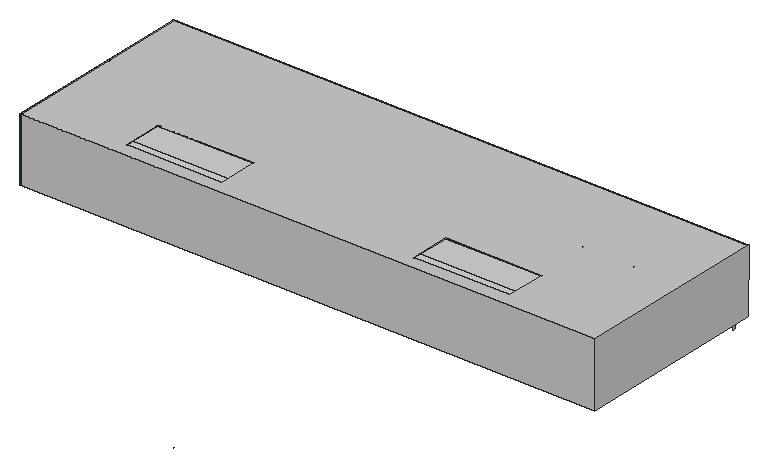
Revit family "QF_ELECTROLUXPROFESSIONAL_643326_DK1236", category Specialty Equipment, Revit 2014
Reference planes
  plane 1: z = 0
  plane 2 "Center (Left/Right)": x = 150
  plane 3 "LEFT": x = -1650
  plane 4 "RIGHT": x = 1950
  plane 5 "BACK": y = 550
  plane 6 "TOP": z = 2400
  plane 7 "Base": z = 2000
  plane 8: z = 1970
  plane 9 "DrainY": y = 450
  plane 10: x = -1647
  plane 11: y = -320
  plane 12: y = -570
  plane 13 "DrainX": x = 1937
  plane 14 "AOLeft2": x = -450
  plane 15 "AORight1": x = 750
  plane 16: x = 1947
  plane 17: x = -1450
  plane 18: x = 1750
  plane 19 "Center (Front/Back)": y = -50
  plane 20 "Front": y = -650
  plane 21: x = 50
  plane 22: x = 250
  plane 23 "AOLeft1": x = -1050
  plane 24 "AORight2": x = 1350
Forms (mm)
  Extrusion 1, solid, material "QF_Finishes_Stainless Steel"
    sketch origin (-1650, 0, 360) x (0, 1, 0) y (0, 0, 1)
      loop
        line (550, 1640) -> (550, 2040) -> (-650, 2040) -> (-650, 1640) -> (550, 1640)
    from 0 to 3
  Extrusion 2, solid, material "QF_Finishes_Stainless Steel"
    sketch origin (1950, 0, 360) x (0, 1, 0) y (0, 0, 1)
      loop
        line (550, 1640) -> (550, 2040) -> (-650, 2040) -> (-650, 1640) -> (550, 1640)
    from 0 to -3
  Extrusion 3, solid, material "QF_Finishes_Stainless Steel"
    sketch origin (150, 0, 360) x (0, 1, 0) y (0, 0, 1)
      loop
        line (-650, 2040) -> (-650, 1640) -> (-640, 1640) -> (-640, 1640.8) -> (-649.2, 1640.8) -> (-649.2, 2039.19) -> (549.2, 2039.19) -> (549.2, 1640.8) -> (540, 1640.8) -> (540, 1640) -> (550, 1640) -> (550, 2040) -> (-650, 2040)
    from -1800 to 1800
  Extrusion 4, solid, material "QF_Finishes_Stainless Steel"
    sketch origin (0, 0, 2000) x (0, 1, 0) y (-1, 0, 0)
      loop
        circle (450, -1937) r 4.763
    from -30 to 0
  Extrusion 5, void
    sketch origin (0, 0, 2400) x (0, 1, 0) y (-1, 0, 0)
      loop
        line (-320, 450) -> (-320, 1050) -> (-570, 1050) -> (-570, 450) -> (-320, 450)
    from 0 to -10
  Extrusion 6, solid, material "QF_Finishes_Stainless Steel"
    sketch origin (0, 0, 0) x (1, 0, 0) y (0, 1, 0)
      loop
        line (-1650, 550) -> (-1650, 549) -> (-1649, 549) -> (-1649, 550) -> (-1650, 550)
    from 0 to 1
  Sweep 7, solid, material "QF_Finishes_Stainless Steel"
    path origin (0, 0, 0) x (1, 0, 0) y (0, 1, 0)
      loop
        line (1950, 550) -> (-1650, 550) -> (-1650, -650) -> (1950, -650) -> (1950, 550)
    profile origin (1950, -50, 0) x (1, 0, 0) y (0, 0, 1)
      loop
        line (-3, 2000) -> (-3, 2000.8) -> (-19, 2000.8) -> (-19, 2010) -> (-20, 2010) -> (-20, 2000) -> (-3, 2000)
  Extrusion 8, solid, material "QF_Finishes_Stainless Steel"
    sketch origin (150, 0, 0) x (0, 1, 0) y (0, 0, 1)
      loop
        line (35, 2399.19) -> (34.2, 2399.19) -> (34.2, 2329.838) -> (-320.309, 2254.485) -> (-614.003, 2066.672) -> (-614.003, 2000.8) -> (-613.203, 2000.8) -> (-613.203, 2066.234) -> (-320, 2253.732) -> (35, 2329.19) -> (35, 2399.19)
    from -1797 to 1797
  Extrusion 9, void
    sketch origin (1134.605, 0, 2400) x (0, 1, 0) y (-1, 0, 0)
      loop
        line (-320, -215.395) -> (-320, 384.605) -> (-570, 384.605) -> (-570, -215.395) -> (-320, -215.395)
    from 0 to -10
Cuts and joins
  Extrusion 5, Extrusion 9 cuts Extrusion 3
  joined: Extrusion 2, Extrusion 3, Sweep 7
Lines and regions (mm)
  symbolic lines, style "SpecialityEquipment", detail levels coarse
    curve 1: line (1950, 550, 2400) -> (-1650, 550, 2400)
    curve 2: line (-1650, 550, 2400) -> (-1650, -650, 2400)
    curve 3: line (1950, -650, 2400) -> (1950, 550, 2400)
    curve 4: line (-1650, 550, 0) -> (1950, -650, 0)
    curve 5: line (1950, 550, 0) -> (-1650, -650, 0)
    curve 6: line (-1650, -650, 0) -> (1950, -650, 0)
    curve 7: line (-450, -320, 0) -> (-1050, -320, 0)
    curve 8: line (-450, -570, 0) -> (-450, -320, 0)
    curve 9: line (-1050, -570, 0) -> (-450, -570, 0)
    curve 10: line (-1050, -320, 0) -> (-1050, -570, 0)
    curve 11: line (750, -320, 0) -> (750, -570, 0)
    curve 12: line (1350, -320, 0) -> (750, -320, 0)
    curve 13: line (1350, -570, 0) -> (1350, -320, 0)
    curve 14: line (750, -570, 0) -> (1350, -570, 0)
Dimensions and locks
  plane 3 "LEFT" to plane 4 "RIGHT" = 3600 mm
  equal spacing: plane 3 "LEFT", plane 2 "Center (Left/Right)", plane 4 "RIGHT"
  plane 7 "Base" to plane 8 = 30 mm
  plane 5 "BACK" to plane 9 "DrainY" = 100 mm  (x2)
  plane 3 "LEFT" to plane 10 = 3 mm
  plane 13 "DrainX" to plane 4 "RIGHT" = 13 mm
  plane 16 to plane 4 "RIGHT" = 3 mm
  plane 3 "LEFT" to plane 17 = 200 mm
  plane 18 to plane 4 "RIGHT" = 200 mm
  locked: plane 14 "AOLeft2" to plane 15 "AORight1" at 1200
  equal spacing: plane 14 "AOLeft2", plane 2 "Center (Left/Right)", plane 15 "AORight1"
  locked: plane 7 "Base" to level at 2000
  locked: plane 6 "TOP" to plane 7 "Base" at 400
  plane 5 "BACK" to plane 20 "Front" = 1200 mm  (x2)
  equal spacing: plane 5 "BACK", plane 19 "Center (Front/Back)", plane 20 "Front"
  locked: plane 21 to plane 22 at 200
  equal spacing: plane 21, plane 2 "Center (Left/Right)", plane 22
  plane 12 to plane 20 "Front" = 80 mm
  locked: plane 11 to plane 12 at 250
  locked: plane 23 "AOLeft1" to plane 14 "AOLeft2" at 600
  locked: plane 15 "AORight1" to plane 24 "AORight2" at 600
  aligned and locked: level to plane 1
  aligned and locked: plane 4 "RIGHT" to Extrusion 3
  aligned and locked: Extrusion 3 to plane 3 "LEFT"
  aligned and locked: Extrusion 5 to plane 12
  aligned and locked: Extrusion 5 to plane 11
  aligned and locked: Extrusion 2 to plane 16
  aligned and locked: Extrusion 8 to plane 10
  aligned and locked: plane 16 to Extrusion 8
  aligned and locked: Extrusion 5 to plane 23 "AOLeft1"
  aligned and locked: Extrusion 5 to plane 14 "AOLeft2"
  aligned and locked: plane 24 "AORight2" to Extrusion 9
  aligned and locked: plane 15 "AORight1" to Extrusion 9
Automatic sketch dimensions
  Extrusion 1 sketch curve to plane 7 "Base" = 0 mm
  Extrusion 1 sketch curve to plane 20 "Front" = 0 mm
  Extrusion 1 sketch curve to plane 5 "BACK" = 0 mm
  Extrusion 1 sketch curve to plane 6 "TOP" = 0 mm
  Extrusion 2 sketch curve to plane 7 "Base" = 0 mm
  Extrusion 2 sketch curve to plane 20 "Front" = 0 mm
  Extrusion 2 sketch curve to plane 5 "BACK" = 0 mm
  Extrusion 2 sketch curve to plane 6 "TOP" = 0 mm
  Extrusion 3 sketch curve to plane 6 "TOP" = 0 mm
  Extrusion 3 sketch curve to plane 20 "Front" = 0 mm
  Extrusion 3 sketch curve to plane 7 "Base" = 0 mm  (x2)
  Extrusion 3 sketch curve to plane 5 "BACK" = 0 mm
  plane 20 "Front" to Extrusion 3 sketch curve = 0.8 mm
  Extrusion 3 sketch curve to Extrusion 3 sketch curve = 9.2 mm
  plane 7 "Base" to Extrusion 3 sketch curve = 0.8 mm  (x2)
  Extrusion 3 sketch curve to plane 5 "BACK" = 10 mm
  Extrusion 3 sketch curve to plane 5 "BACK" = 0.8 mm
  Extrusion 3 sketch curve to plane 6 "TOP" = 0.81 mm
  Extrusion 4 sketch curve to plane 9 "DrainY" = 0 mm
  Extrusion 4 sketch curve to plane 13 "DrainX" = 0 mm
  Extrusion 5 sketch curve to plane 12 = 0 mm
  plane 11 to Extrusion 5 sketch curve = 0 mm
  Extrusion 5 sketch curve to plane 14 "AOLeft2" = 0 mm
  Extrusion 5 sketch curve to plane 23 "AOLeft1" = 0 mm
  Extrusion 6 sketch curve to plane 3 "LEFT" = 0 mm
  Extrusion 6 sketch curve to plane 5 "BACK" = 0 mm
  plane 3 "LEFT" to Extrusion 6 sketch curve = 1 mm
  Extrusion 6 sketch curve to Extrusion 6 sketch curve = 1 mm
  Sweep 7 sketch curve to plane 3 "LEFT" = 0 mm
  Sweep 7 sketch curve to plane 4 "RIGHT" = 0 mm
  Sweep 7 sketch curve to plane 20 "Front" = 0 mm
  Sweep 7 sketch curve to plane 5 "BACK" = 0 mm
  profile plane to Sweep 7 sketch curve = 20 mm
  Sweep 7 sketch curve to Sweep 7 sketch curve = 1 mm
  profile plane to Sweep 7 sketch curve = 3 mm
  level to Sweep 7 sketch curve = 2000 mm
  Sweep 7 sketch curve to Sweep 7 sketch curve = 0.8 mm
  Sweep 7 sketch curve to Sweep 7 sketch curve = 9.2 mm
  Extrusion 9 sketch curve to plane 12 = 0 mm
  plane 11 to Extrusion 9 sketch curve = 0 mm
  Extrusion 9 sketch curve to plane 15 "AORight1" = 600 mm
  plane 22 to Extrusion 9 sketch curve = 500 mm
  curve 5 to plane 3 "LEFT" = 0 mm
  curve 4 to plane 3 "LEFT" = 0 mm
  curve 6 to plane 20 "Front" = 0 mm
  curve 5 to plane 4 "RIGHT" = 0 mm
  curve 6 to plane 4 "RIGHT" = 0 mm
  curve 5 to plane 5 "BACK" = 0 mm
  curve 4 to plane 5 "BACK" = 0 mm
  curve 2 to plane 3 "LEFT" = 0 mm
  curve 2 to plane 20 "Front" = 0 mm
  curve 3 to plane 4 "RIGHT" = 0 mm
  curve 3 to plane 20 "Front" = 0 mm
  curve 2 to plane 5 "BACK" = 0 mm
  plane 11 to curve 7 = 0 mm
  curve 7 to plane 23 "AOLeft1" = 0 mm
  curve 8 to plane 12 = 0 mm
  curve 8 to plane 14 "AOLeft2" = 0 mm
  plane 11 to curve 11 = 0 mm
  curve 11 to plane 15 "AORight1" = 0 mm
  curve 12 to plane 24 "AORight2" = 0 mm
  curve 13 to plane 12 = 0 mm
  Extrusion 8 sketch curve to plane 11 = 0 mm
  plane 11 to Extrusion 8 sketch curve = 0.309 mm
  plane 7 "Base" to Extrusion 8 sketch curve = 0.8 mm
  plane 20 "Front" to Extrusion 8 sketch curve = 36.797 mm
  Extrusion 8 sketch curve to Extrusion 8 sketch curve = 0.8 mm  (x2)
  plane 19 "Center (Front/Back)" to Extrusion 8 sketch curve = 84.2 mm
  Extrusion 8 sketch curve to Extrusion 8 sketch curve = 65.434 mm
  Extrusion 8 sketch curve to plane 6 "TOP" = 146.268 mm
  Extrusion 8 sketch curve to Extrusion 8 sketch curve = 0.752 mm
  Extrusion 8 sketch curve to plane 6 "TOP" = 70.81 mm
  Extrusion 8 sketch curve to Extrusion 8 sketch curve = 0.648 mm
  Extrusion 8 sketch curve to Extrusion 8 sketch curve = 0.438 mm
  Extrusion 8 sketch curve to plane 6 "TOP" = 0.81 mm
  radius of Extrusion 4 sketch curve = 4.763 mm
Connectors
  piping at (1937, 450, 1970), diameter 9.5
    settings: on Extrusion 4, index 1, connector inside diameter 609.6 mm, connector length 0 mm, flow factor 0, pipe flow 0.0 L/s, pressure drop 0.0 Pa, fitting loss kfactor 0, connector angle 0.00°, fixture units 0, engagement length 0 mm, angle of deflection 0.00°, flow configuration 1, flow direction 2, fitting loss method 0, system type 16, joint type 0, gender type 0, connector reference index -1, connector utility 0, adjustable connector no, is connector primary yes, connector description "Drain"
  hvac at (-750, -445, 2400)
    settings: on Extrusion 5, index 2, duct flow 0.0 L/s, flow factor 0, pres drop 0.0 Pa, loss coef 0, conn angle 0.00°, conn width 250 mm, conn height 600 mm, conn diameter 609.6 mm, duct sys type 3, conn prof type 1, flow config 1, flow direction 2, loss method 0, conn ref index -1, conn util no, is conn primary yes, conn desc "EXHAUST OUTLET"
  hvac at (1050, -445, 2400)
    settings: on Extrusion 9, index 3, duct flow 0.0 L/s, flow factor 0, pres drop 0.0 Pa, loss coef 0, conn angle 0.00°, conn width 250 mm, conn height 600 mm, conn diameter 609.6 mm, duct sys type 3, conn prof type 1, flow config 1, flow direction 2, loss method 0, conn ref index -1, conn util no, is conn primary no, conn desc "EXHAUST OUTLET"
